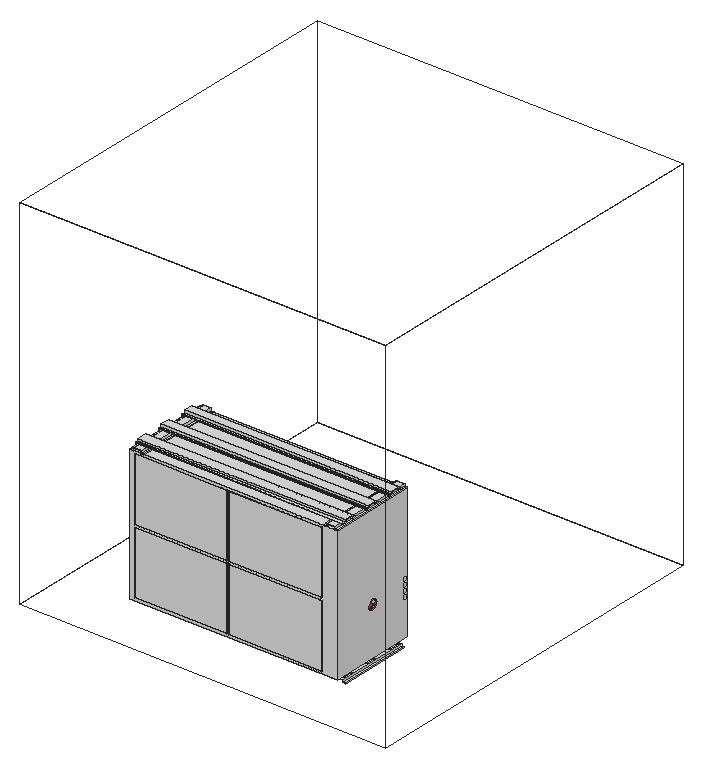
Revit family "HeatPump_AirToWater_Rheem_30kW_Horizontal_LowGWP", category Mechanical Equipment, Revit 2021 (continued)
Definition of nested family "z_Rheem_Logo"
  Automatic sketch dimensions
    Extrusion 2 sketch curve to Extrusion 2 sketch curve = 1.719 mm
    Extrusion 2 sketch curve to Extrusion 2 sketch curve = 0.37 mm
    Extrusion 2 sketch curve to Extrusion 2 sketch curve = 4.839 mm
    plane 1 "Center (Front/Back)" to Extrusion 2 sketch curve = 8.079 mm
    plane 1 "Center (Front/Back)" to Extrusion 2 sketch curve = 8.097 mm
    Extrusion 2 sketch curve to Extrusion 2 sketch curve = 4.468 mm
    Extrusion 2 sketch curve to Extrusion 2 sketch curve = 16.886 mm
    Masking region 1 sketch curve to Masking region 1 sketch curve = 0 mm  (x15)
    plane 1 "Center (Front/Back)" to Masking region 1 sketch curve = 0 mm
    Masking region 1 sketch curve to plane 3 "Center (Left/Right)" = 0 mm
    plane 3 "Center (Left/Right)" to Masking region 1 sketch curve = 1.705 mm
    plane 3 "Center (Left/Right)" to Masking region 1 sketch curve = 2.029 mm
    Masking region 1 sketch curve to Masking region 1 sketch curve = 3.171 mm  (x2)
    plane 1 "Center (Front/Back)" to Masking region 1 sketch curve = 1.507 mm
    Masking region 1 sketch curve to Masking region 1 sketch curve = 0.154 mm  (x2)
    Masking region 1 sketch curve to Masking region 1 sketch curve = 1.536 mm
    plane 1 "Center (Front/Back)" to Masking region 1 sketch curve = 1.54 mm
    Masking region 1 sketch curve to Masking region 1 sketch curve = 2.561 mm  (x2)
    Masking region 1 sketch curve to plane 1 "Center (Front/Back)" = 1.152 mm
    Masking region 1 sketch curve to Masking region 1 sketch curve = 0.012 mm
    plane 1 "Center (Front/Back)" to Masking region 1 sketch curve = 3.629 mm
    Masking region 1 sketch curve to Masking region 1 sketch curve = 5.8 mm
    Masking region 1 sketch curve to Masking region 1 sketch curve = 0.291 mm
    Masking region 1 sketch curve to Masking region 1 sketch curve = 4.306 mm
    Masking region 1 sketch curve to plane 1 "Center (Front/Back)" = 5.275 mm
    Masking region 1 sketch curve to Masking region 1 sketch curve = 3.182 mm
    Masking region 1 sketch curve to Masking region 1 sketch curve = 0.011 mm
    Masking region 1 sketch curve to plane 1 "Center (Front/Back)" = 1.6 mm
    Masking region 1 sketch curve to Masking region 1 sketch curve = 4.336 mm
    Masking region 1 sketch curve to plane 1 "Center (Front/Back)" = 5.166 mm
    Masking region 1 sketch curve to Masking region 1 sketch curve = 2.666 mm
    Masking region 1 sketch curve to plane 1 "Center (Front/Back)" = 2.258 mm  (x2)
    Masking region 1 sketch curve to Masking region 1 sketch curve = 0.289 mm
    Masking region 1 sketch curve to Masking region 1 sketch curve = 4.377 mm
    Masking region 1 sketch curve to Masking region 1 sketch curve = 2.943 mm
    Masking region 1 sketch curve to plane 1 "Center (Front/Back)" = 1.414 mm
    Masking region 1 sketch curve to plane 3 "Center (Left/Right)" = 4.051 mm
    Masking region 1 sketch curve to Masking region 1 sketch curve = 0.044 mm
    plane 1 "Center (Front/Back)" to Masking region 1 sketch curve = 3.194 mm
    Masking region 1 sketch curve to plane 3 "Center (Left/Right)" = 7.321 mm
    Masking region 1 sketch curve to Masking region 1 sketch curve = 4.51 mm
    Masking region 1 sketch curve to Masking region 1 sketch curve = 4.142 mm
    Masking region 1 sketch curve to Masking region 1 sketch curve = 2.964 mm
    Masking region 1 sketch curve to Masking region 1 sketch curve = 0.948 mm
    Masking region 1 sketch curve to Masking region 1 sketch curve = 0.321 mm
    Masking region 1 sketch curve to Masking region 1 sketch curve = 1.809 mm
    Masking region 1 sketch curve to Masking region 1 sketch curve = 0.463 mm
    Masking region 1 sketch curve to Masking region 1 sketch curve = 4.721 mm
    plane 6 "Back" to Masking region 1 sketch curve = 6.464 mm
    Masking region 1 sketch curve to plane 3 "Center (Left/Right)" = 16.283 mm
    Masking region 1 sketch curve to Masking region 1 sketch curve = 3.399 mm
    Masking region 1 sketch curve to plane 1 "Center (Front/Back)" = 1.2 mm
    Masking region 1 sketch curve to Masking region 1 sketch curve = 12.536 mm
    plane 4 "Left" to Masking region 1 sketch curve = 11.183 mm
    plane 4 "Left" to Masking region 1 sketch curve = 11.17 mm
    Masking region 1 sketch curve to Masking region 1 sketch curve = 0.548 mm
    Masking region 1 sketch curve to Masking region 1 sketch curve = 1.699 mm
    Masking region 1 sketch curve to Masking region 1 sketch curve = 1.488 mm
    Masking region 1 sketch curve to Masking region 1 sketch curve = 1.692 mm
    Masking region 1 sketch curve to Masking region 1 sketch curve = 14.618 mm
    Masking region 1 sketch curve to Masking region 1 sketch curve = 0.891 mm
    Masking region 1 sketch curve to Masking region 1 sketch curve = 7.301 mm
    Masking region 1 sketch curve to Masking region 1 sketch curve = 1.651 mm
    Masking region 1 sketch curve to plane 1 "Center (Front/Back)" = 5.397 mm
    Masking region 1 sketch curve to plane 1 "Center (Front/Back)" = 3.718 mm
    Masking region 1 sketch curve to plane 1 "Center (Front/Back)" = 3.712 mm
    Masking region 1 sketch curve to plane 1 "Center (Front/Back)" = 3.491 mm
    Masking region 1 sketch curve to Masking region 1 sketch curve = 0.117 mm
    Masking region 1 sketch curve to Masking region 1 sketch curve = 1.392 mm
    Masking region 1 sketch curve to plane 1 "Center (Front/Back)" = 1.806 mm  (x2)
    Masking region 1 sketch curve to plane 1 "Center (Front/Back)" = 1.594 mm
    Masking region 1 sketch curve to Masking region 1 sketch curve = 0.451 mm
    plane 1 "Center (Front/Back)" to Masking region 1 sketch curve = 0.131 mm
    Masking region 1 sketch curve to Masking region 1 sketch curve = 1.719 mm
    Masking region 1 sketch curve to Masking region 1 sketch curve = 0.37 mm
    Masking region 1 sketch curve to Masking region 1 sketch curve = 4.839 mm
    plane 1 "Center (Front/Back)" to Masking region 1 sketch curve = 8.079 mm
    plane 1 "Center (Front/Back)" to Masking region 1 sketch curve = 8.097 mm
    Masking region 1 sketch curve to Masking region 1 sketch curve = 4.468 mm
    Masking region 1 sketch curve to Masking region 1 sketch curve = 16.886 mm
    radius of Extrusion 2 sketch curve = 43 mm
    radius of Masking region 1 sketch curve = 43 mm
Types (2, lengths in mm): name | Type Comments | Model | ManufacturerURLProductSpecific | ManufacturerSpecCode | FanFrame | Description
  Ducted (952030H0) | "HeatPump - AirToWater - 30kW - Horizontal - LowGWP - Ducted" | "952030H0" | "https://www.rheem.com.au/rheem/products/Commercial/Commercial-Heat-Pumps/Rheem-Commercial-Air-To-Water-Heat-Pumps/YF-Series-Air-to-Water-%28A2W%29-30kW-Commercial-Heat-Pump-%E2%80%93-Ducted/p/95203000" | "952030H0" | yes | "Rheem’s YF Series Commercial heat pump uses 1234yf refrigerant which has an ultra-low Global Warming Potential (GWP) of <1. Delivering hot water up to 65°C and operating in ambient temperatures to a low of 0°C with an improved Coefficient of Performance (COP) of up to 4.28 at 20°C ambient. Ducted models are designed with high static fans to enable reject air to be convey from the room. Models are  available in vertical and stackable horizontal discharge options."
  Non Ducted (953030H0) | "HeatPump - AirToWater - 30kW - Horizontal - LowGWP - Non Ducted" | "953030H0" | "https://www.rheem.com.au/rheem/products/Commercial/Commercial-Heat-Pumps/Rheem-Commercial-Air-To-Water-Heat-Pumps/YF-Series-Air-to-Water-%28A2W%29-30kW-Commercial-Heat-Pump-%E2%80%93-Non-Ducted/p/95303000" | "953030H0" | no | "Rheem’s YF Series Commercial heat pump uses 1234yf refrigerant which has an ultra-low Global Warming Potential (GWP) of <1. Delivering hot water up to 65°C and operating in ambient temperatures to a low of 0°C with an improved Coefficient of Performance (COP) of up to 4.28 at 20°C ambient. Non ducted models are designed with electronically commutated fans for improved performance and are generally designed for outdoor installation, but may be installed indoors if a sufficient supply of heat energy is available. Models are  available in vertical and stackable horizontal discharge options."
